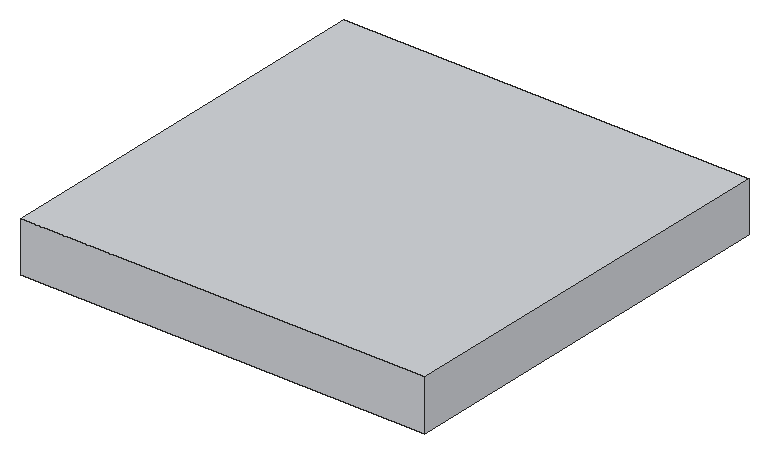
Revit family "034943", category Sanitärinstallationen, Revit 2014
Parameters
  Default Elevation = 1219.2 mm
  URL = "http://www.duravit.de"
  Produktseite / Product URL = "http://pro.duravit.com/034943"
  Modellbezeichnung / Model Descrption = "Aufsatzbecken 430mm DuraStyle Weiss / Washbowl 43 cm DuraStyle white"
  Modell = "034943"
  Material Keramik = Duravit Keramik
  Material Chrom = Stahl, verchromt
  Lüftungsverbindung = no
  LEED Credit = 0
  KW-Verbindung = no
  Hersteller = "Duravit"
  HW-Verbindung = no
  Familie von / Family made by = "http://www.bytesandbuilding.de"
  E-Mail Kontakt = "architects@duravit.com"
  Behindertengerecht / ADA Compliant = yes
  Baugruppenkennzeichen = "D2010420"
  Abwasserrohrverbindung = no
Reference planes
  plane 1 "Mitte (Vorne/Hinten)": y = 0
  plane 2: z = 0
  plane 3 "Mitte (Links/Rechts)": x = 0
Forms (mm)
  Extrusion 1, solid
    sketch origin (0, 0, 0) x (1, 0, 0) y (0, 1, 0)
      loop
        line (-1219.2, 1219.2) -> (-1219.2, -1219.2) -> (1219.2, -1219.2) -> (1219.2, 1219.2) -> (-1219.2, 1219.2)
    from 0 to -304.8
Dimensions and locks
  aligned and locked: plane 2 to Extrusion 1
  aligned and locked: level to Extrusion 1
Nested families
  nested 1: "034943_" at (0, 0, 0), Material Keramik <- "Material Keramik", Material Chrom <- "Material Chrom", type "034943_"
    with Mischbatterie yes, Material Keramik Duravit Keramik, Material Chrom Stahl, verchromt
Definition of nested family "034943_"
  Parameters (values of type "034943_")
    Mischbatterie [instance] = yes
    Material Keramik [instance] = Duravit Keramik
    Material Chrom [instance] = Stahl, verchromt
  Reference planes
    plane 1 "Mitte (Vorne/Hinten)": y = 0
    plane 2: z = 0
    plane 3 "Mitte (Links/Rechts)": x = 0
  Dimensions and locks
    aligned and locked: level to plane 2
